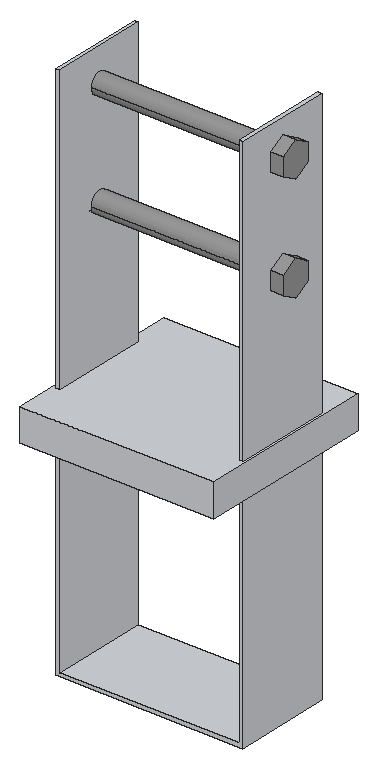
Revit family "060523 - W_P_C - Fastenings - Column Base - Simpson - CBS", category Structural Connections, Revit 2019
Family settings
  Material for Model Behavior = Other
  Work Plane-Based = No
  Enable cutting in views = Yes
  Always vertical = Yes
  Cut with Voids When Loaded = No
  Shared = No
Parameters (values of type "CBS66")
  W2 = 0' - 5 1/2"
  W1 = 0' - 5 1/2"
  H = 0' - 8 3/4"
  Gauge = 0' - 0 27/256"
  Flange Width = 0' - 3"
  D = 0' - 6 7/8"
Reference planes (in)
  plane 1 "Center (Front/Back)": y = 0
  plane 2: z = 0
  plane 3 "Center (Left/Right)": x = 0
  plane 4: x = -2.75
  plane 5: x = 2.75
  plane 6: y = 2.75
  plane 7: y = -2.75
  plane 8: x = 2.85547
  plane 9: x = -2.85547
  plane 10: y = 1.5
  plane 11: y = -1.5
  plane 12: x = 2.96094
  plane 13: x = -2.96094
  plane 14: z = 9.75
  plane 15: z = -6.875
  plane 16: z = 1
  plane 17: z = 8.75
  plane 18: z = 5.5
  plane 19: z = -6.76953
Forms (in)
  Extrusion 1, solid
    sketch origin (0, 0, 0) x (1, 0, 0) y (0, 1, 0)
      loop
        line (-2.96094, 2.75) -> (-2.96094, -2.75) -> (2.96094, -2.75) -> (2.96094, 2.75) -> (-2.96094, 2.75)
    from 0 to 1
  Extrusion 2, solid
    sketch origin (-2.85547, 5.74308, 48) x (0, 1, 0) y (0, 0, 1)
      loop
        line (-4.24308, -38.25) -> (-7.24308, -38.25) -> (-7.24308, -54.875) -> (-4.24308, -54.875) -> (-4.24308, -38.25)
    from 0 to 0.10547
  Extrusion 3, solid
    sketch origin (-2.85547, 5.74308, 48) x (0, 1, 0) y (0, 0, 1)
      loop
        line (-4.24308, -54.76953) -> (-7.24308, -54.76953) -> (-7.24308, -54.875) -> (-4.24308, -54.875) -> (-4.24308, -54.76953)
    from 0 to 5.71094
  Extrusion 4, solid
    sketch origin (2.85547, 6.4455, 48) x (0, 1, 0) y (0, 0, 1)
      loop
        line (-4.9455, -38.25) -> (-7.9455, -38.25) -> (-7.9455, -54.875) -> (-4.9455, -54.875) -> (-4.9455, -38.25)
    from 0 to -0.10547
Cuts and joins
  joined: Extrusion 2, Extrusion 3, Extrusion 4
Dimensions and locks (in)
  equal spacing: plane 4, plane 3 "Center (Left/Right)", plane 5
  equal spacing: plane 6, plane 1 "Center (Front/Back)", plane 7
  "W2": plane 6 to plane 7
  "W1": plane 4 to plane 5
  "Gauge": plane 5 to plane 8
  "Gauge": plane 9 to plane 4
  equal spacing: plane 10, plane 1 "Center (Front/Back)", plane 11
  plane 10 to plane 1 "Center (Front/Back)" to plane 11 = 0' - 1 1/2", 0' - 1 1/2"
  "Gauge": plane 13 to plane 9
  "Gauge": plane 8 to plane 12
  "H": plane 14 to plane 16
  locked: plane 16 to plane 2 at 1
  "D": plane 2 to plane 15
  "Flange Width": plane 10 to plane 11
  plane 14 to plane 17 to plane 18 = 0' - 1" locked, 0' - 3 1/4" locked
  "Gauge": plane 19 to plane 15
  aligned and locked: plane 2 to level
  aligned and locked: plane 13 to Extrusion 1 sketch curve
  aligned and locked: Extrusion 1 sketch curve to plane 6
  aligned and locked: Extrusion 1 sketch curve to plane 12
  aligned and locked: plane 7 to Extrusion 1 sketch curve
  aligned and locked: plane 11 to Extrusion 2 sketch curve
  aligned and locked: plane 4 to Extrusion 2
  aligned and locked: Extrusion 2 to plane 15
  aligned and locked: plane 14 to Extrusion 2
  aligned and locked: nested 1 to plane 17
  aligned and locked: nested 2 to plane 18
  aligned and locked: plane 15 to Extrusion 3 sketch curve
  aligned and locked: plane 11 to Extrusion 3 sketch curve
  aligned and locked: Extrusion 3 sketch curve to plane 10
  aligned and locked: Extrusion 3 sketch curve to plane 19
  aligned and locked: plane 8 to Extrusion 3
  aligned and locked: Extrusion 4 to plane 5
  aligned and locked: nested 1 to plane 8
  aligned and locked: nested 2 to plane 8
Automatic sketch dimensions
  Extrusion 2 sketch curve to plane 10 = 0' - 0"
  Extrusion 2 sketch curve to level = 0' - 6 7/8"
  level to Extrusion 2 sketch curve = 0' - 9 3/4"
  Extrusion 4 sketch curve to plane 11 = 0' - 0"
  Extrusion 4 sketch curve to plane 10 = 0' - 0"
  Extrusion 4 sketch curve to plane 15 = 0' - 0"
  Extrusion 4 sketch curve to plane 14 = 0' - 0"
Nested families (in)
  nested 1: "050523 - W_P_C - Fastenings - Lag Bolt or Thru Bolt" at (-2.85547, 0, 8.75) x (0, -1, 0) z (-1, 0, 0), type "5/8" x 6""
    with Thickness_of_Substrate 0' - 5 91/128", Nut_Visibility yes, Bolt Material (Size) STRUCTURAL BOLTS (PAINT TO MATCH STEEL FINISH), Side 0' - 0.54199", Radius 0' - 0 5/16", Length 0' - 6", Head Size 0' - 0 15/16", Head Radius 0' - 0 15/32", Diameter 0' - 0 5/8"
  nested 2: "050523 - W_P_C - Fastenings - Lag Bolt or Thru Bolt" at (-2.85547, 0, 5.5) x (0, -1, 0) z (-1, 0, 0), type "5/8" x 6""
    with Thickness_of_Substrate 0' - 5 91/128", Nut_Visibility yes, Bolt Material (Size) STRUCTURAL BOLTS (PAINT TO MATCH STEEL FINISH), Side 0' - 0.54199", Radius 0' - 0 5/16", Length 0' - 6", Head Size 0' - 0 15/16", Head Radius 0' - 0 15/32", Diameter 0' - 0 5/8"
Definition of nested family "050523 - W_P_C - Fastenings - Lag Bolt or Thru Bolt"
  Parameters (values of type "1/2" x 3"")
    Thickness_of_Substrate [instance] = 0' - 1"
    Side = Head Size * 0.57812  # 0' - 0 111/256"
    Radius = Diameter / 2  # 0' - 0 1/4"
    Nut_Visibility [instance] = yes
    Length = 0' - 3"
    Head Size = 0' - 0 3/4"
    Head Radius = Head Size / 2  # 0' - 0 3/8"
    Head Height = 0' - 0 27/64"
    Diameter = 0' - 0 1/2"
    Default Elevation = 4' - 0"
    Bolt Material (Size) [instance] = none
  Types (21): name | Side | Radius | Length | Head Size | Head Radius | Head Height | Diameter
    1/2" x 3" | 0' - 0 111/256" | 0' - 0 1/4" | 0' - 3" | 0' - 0 3/4" | 0' - 0 3/8" | 0' - 0 27/64" | 0' - 0 1/2"
    1/4" x 3" | 0' - 0.25293" | 0' - 0 1/8" | 0' - 3" | 0' - 0 7/16" | 0' - 0 7/32" | 0' - 0 11/64" | 0' - 0 1/4"
    5/16" x 3" | 0' - 0 37/128" | 0' - 0 5/32" | 0' - 3" | 0' - 0 1/2" | 0' - 0 1/4" | 0' - 0 7/32" | 0' - 0 5/16"
    3/8" x 3" | 0' - 0.3252" | 0' - 0 3/16" | 0' - 3" | 0' - 0 9/16" | 0' - 0 9/32" | 0' - 0 1/4" | 0' - 0 3/8"
    7/16" x 3" | 0' - 0.36133" | 0' - 0 7/32" | 0' - 3" | 0' - 0 5/8" | 0' - 0 5/16" | 0' - 0 19/64" | 0' - 0 7/16"
    5/8" x 3" | 0' - 0.54199" | 0' - 0 5/16" | 0' - 3" | 0' - 0 15/16" | 0' - 0 15/32" | 0' - 0 27/64" | 0' - 0 5/8"
    1/2" x 2 1/2" | 0' - 0 111/256" | 0' - 0 1/4" | 0' - 2 1/2" | 0' - 0 3/4" | 0' - 0 3/8" | 0' - 0 11/32" | 0' - 0 1/2"
    3/4" x 2" | 0' - 0.65039" | 0' - 0 3/8" | 0' - 2" | 0' - 1 1/8" | 0' - 0 9/16" | 0' - 0 1/2" | 0' - 0 3/4"
    3/8" x 1" | 0' - 0.3252" | 0' - 0 3/16" | 0' - 1" | 0' - 0 9/16" | 0' - 0 9/32" | 0' - 0 1/4" | 0' - 0 3/8"
    1/2" x 4" | 0' - 0 111/256" | 0' - 0 1/4" | 0' - 4" | 0' - 0 3/4" | 0' - 0 3/8" | 0' - 0 1/2" | 0' - 0 1/2"
    1/2" x 2" | 0' - 0 111/256" | 0' - 0 1/4" | 0' - 2" | 0' - 0 3/4" | 0' - 0 3/8" | 0' - 0 1/2" | 0' - 0 1/2"
    ONE | 0' - 0 111/128" | 0' - 0 1/2" | 0' - 3" | 0' - 1 1/2" | 0' - 0 3/4" | 0' - 0 151/256" | 0' - 1"
    3/4" x 4" | 0' - 0.65039" | 0' - 0 3/8" | 0' - 3" | 0' - 1 1/8" | 0' - 0 9/16" | 0' - 0 1/2" | 0' - 0 3/4"
    #10 | 0' - 0.1626" | 0' - 0.09961" | 0' - 4" | 0' - 0 9/32" | 0' - 0 9/64" | 0' - 0 1/8" | 0' - 0 51/256"
    1/4" | 0' - 0.25293" | 0' - 0 1/8" | 0' - 4" | 0' - 0 7/16" | 0' - 0 7/32" | 0' - 0 11/64" | 0' - 0 1/4"
    1" | 0' - 0 111/128" | 0' - 0 1/2" | 0' - 4" | 0' - 1 1/2" | 0' - 0 3/4" | 0' - 0 43/64" | 0' - 1"
    7/8" | 0' - 0.75879" | 0' - 0 7/16" | 0' - 4" | 0' - 1 5/16" | 0' - 0 21/32" | 0' - 0 37/64" | 0' - 0 7/8"
    5/8" | 0' - 0.54199" | 0' - 0 5/16" | 0' - 10 1/2" | 0' - 0 15/16" | 0' - 0 15/32" | 0' - 0 27/64" | 0' - 0 5/8"
    1/2" | 0' - 0 111/256" | 0' - 0 1/4" | 0' - 4" | 0' - 0 3/4" | 0' - 0 3/8" | 0' - 0 1/2" | 0' - 0 1/2"
    3/4" | 0' - 0.65039" | 0' - 0 3/8" | 0' - 7" | 0' - 1 1/8" | 0' - 0 9/16" | 0' - 0 1/2" | 0' - 0 3/4"
    3/8" | 0' - 0.3252" | 0' - 0 3/16" | 0' - 4" | 0' - 0 9/16" | 0' - 0 9/32" | 0' - 0 1/4" | 0' - 0 3/8"
  Reference planes (in)
    plane 1 "Center (Front/Back)": y = 0
    plane 2: z = 0
    plane 3 "Center (Left/Right)": x = 0
    plane 4: z = 0.42187
    plane 5: z = -3
    plane 6: y = 0
    plane 7: x = 0
    plane 8: z = -1
  Forms (in)
    Extrusion 1, solid, material <- "Bolt Material (Size)"
      sketch origin (0, 0, 0) x (1, 0, 0) y (0, 1, 0)
        loop
          circle (0, 0) r 0.25
      from -3 to 0
  Lines and regions (in)
    model lines
      curve 1: line (0, -0.64952, 0.42188) -> (0, 0.64952, 0.42188)
      curve 2: line (0.375, 0, 0.42188) -> (-0.375, 0, 0.42188)
    symbolic lines
      curve 3: line (0, 0, 0.42187) -> (0, 0, -3)
      curve 4: line (0, 0, 0.42187) -> (0, 0, -3)
  Dimensions and locks (in)
    "Head Height": plane 4 to level
    "Length": level to plane 5
    "Thickness_of_Substrate": plane 2 to plane 8
    "Radius": radius of Extrusion 1 sketch curve
    aligned and locked: level to plane 2
    aligned and locked: Extrusion 1 to plane 5
    aligned and locked: plane 7 to curve 1
    aligned and locked: plane 6 to curve 2
    aligned and locked: plane 6 to curve 4
  Automatic sketch dimensions
    curve 3 to plane 3 "Center (Left/Right)" = 0' - 0"
    curve 3 to plane 5 = 0' - 0"
    curve 3 to plane 4 = 0' - 0"
    curve 4 to plane 5 = 0' - 0"
    curve 4 to plane 4 = 0' - 0"
    curve 1 to curve 2 = 0' - 0.64952"
    curve 2 to curve 1 = 0' - 0.64952"
    curve 2 to nested 1 = 0' - 0"  (x2)
    plane 1 "Center (Front/Back)" to Extrusion 1 sketch curve = 0' - 0"
    Extrusion 1 sketch curve to plane 3 "Center (Left/Right)" = 0' - 0"
  Nested families (in)
    nested 1: "Nut" at (0, 0, 0), Diameter <- "Diameter", Head Height <- "Head Height", Head Size <- "Head Size", Bolt Material (Size) <- "Bolt Material (Size)", type "one"
      with Side 0' - 0 111/256", Radius 0' - 0 1/4", Head Size 0' - 0 3/4", Head Radius 0' - 0 3/8", Head Height 0' - 0 27/64", Diameter 0' - 0 1/2", Bolt Material (Size) none
    nested 2: "Nut" at (0, 0, -1) x (1, 0, 0) z (0, 0, -1), Diameter <- "Diameter", Head Height <- "Head Height", Head Size <- "Head Size", visible <- "Nut_Visibility", type "one"
      with Side 0' - 0 111/256", Radius 0' - 0 1/4", Head Size 0' - 0 3/4", Head Radius 0' - 0 3/8", Head Height 0' - 0 27/64", Diameter 0' - 0 1/2", Bolt Material (Size) none
  Definition of nested family "Nut"
    Parameters (values of type "one")
      Side [instance] = Head Size * 0.57812  # 0' - 0 111/256"
      Radius [instance] = Diameter / 2  # 0' - 0 1/4"
      Head Size [instance] = 0' - 0 3/4"
      Head Radius [instance] = Head Size / 2  # 0' - 0 3/8"
      Head Height [instance] = 0' - 0 11/32"
      Diameter [instance] = 0' - 0 1/2"
      Default Elevation = 4' - 0"
      Bolt Material (Size) [instance] = none
    Reference planes (in)
      plane 1 "Center (Front/Back)": y = 0
      plane 2: z = 0
      plane 3 "Center (Left/Right)": x = 0
      plane 4: z = 0.34375
      plane 5: y = 0
      plane 6: x = 0
    Forms (in)
      Extrusion 1, solid, material <- "Bolt Material (Size)"
        sketch origin (0, 0, 0) x (1, 0, 0) y (0, 1, 0)
          loop
            line (0, 0.43301) -> (-0.375, 0.21651) -> (-0.375, -0.21651) -> (0, -0.43301) -> (0.375, -0.21651) -> (0.375, 0.21651) -> (0, 0.43301)
        from 0 to 0.34375
    Lines and regions (in)
      symbolic lines
        curve 1: line (0, 0, 0.34375) -> (0, 0, -3)
    Dimensions and locks (in)
      "Head Height": plane 4 to level
      "Head Radius": Extrusion 1 sketch curve to plane 3 "Center (Left/Right)"
      "Head Radius": Extrusion 1 sketch curve to plane 6
      "Head Radius": Extrusion 1 sketch curve to plane 5  (x2)
      locked: Extrusion 1 sketch curve to Extrusion 1 sketch curve (angle 120.00°)  (x5)
      aligned and locked: level to plane 2
      aligned and locked: Extrusion 1 to plane 4
      aligned and locked: plane 5 to curve 1
    Automatic sketch dimensions
      curve 1 to plane 4 = 0' - 0"
      curve 1 to level = 0' - 3"
      Extrusion 1 sketch curve to plane 3 "Center (Left/Right)" = 0' - 0"  (x2)
